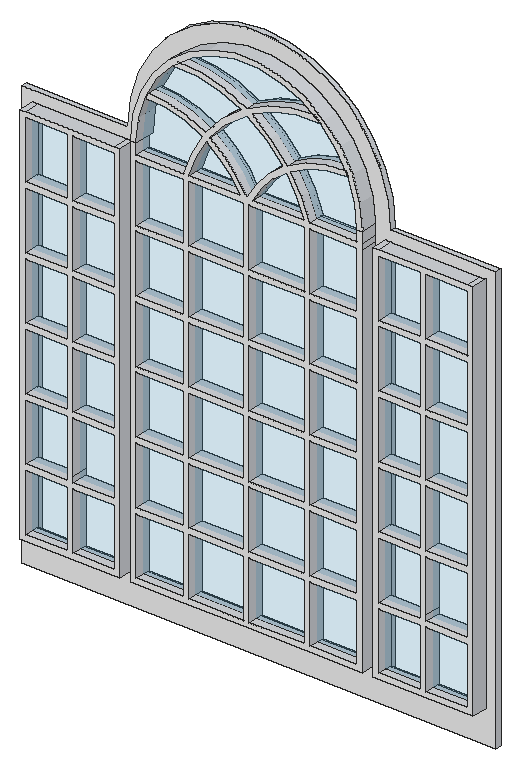
Revit family
Parameters (values of type "yachtclub4")
  Height = 4' - 10"
  Default Sill Height = 3' - 0"
  Trim Projection = 0' - 1"
  Trim Width = 0' - 3"
  Wall Closure = (empty or 0)
  Width = 7' - 0"
  Assembly Code = ""
Reference planes (in)
  plane 1: y = 0
  plane 2 "Center (Left/Right)": x = -11.13337
  plane 3 "Left": x = -53.13337
  plane 4 "Right": x = 30.86663
  plane 5 "Bottom": z = 36
  plane 6 "Top": z = 94
  plane 7 "Exterior": y = 3
  plane 8 "Interior": y = -3
Forms (in)
  Extrusion 1, solid
    sketch origin (90, 3, 0) x (-1, 0, 0) y (0, 0, 1)
      loop
        line (59.13337, 94) -> (59.13337, 21.99859) -> (76.13337, 21.99859) -> (76.13337, 94) -> (59.13337, 94)
      loop
        line (143.13337, 94) -> (126.13337, 94) -> (126.13337, 21.99859) -> (143.13337, 21.99859) -> (143.13337, 94)
      loop
        line (56.13337, 97) -> (56.13337, 15.90914) -> (146.13337, 15.90914) -> (146.13337, 97) -> (126.13337, 97)
        arc (126.13337, 97) -> (101.13337, 122) -> (76.13337, 97) r 25
        line (76.13337, 97) -> (56.13337, 97)
      loop
        arc (123.13337, 97) -> (101.13337, 119) -> (79.13337, 97) r 22
        line (79.13337, 97) -> (79.13337, 94) -> (79.13337, 21.99859) -> (123.13337, 21.99859) -> (123.13337, 94) -> (123.13337, 97)
    from 0 to 1
  Extrusion 2, solid
    sketch origin (0, 3, 0) x (1, 0, 0) y (0, 0, 1)
      loop
        arc (10.86663, 97) -> (-11.13337, 119) -> (-33.13337, 97) r 22
        line (-33.13337, 97) -> (-32.13337, 97)
        arc (-32.13337, 97) -> (-11.13337, 118) -> (9.86663, 97) r 21
        line (9.86663, 97) -> (10.86663, 97)
    from -1 to 3
  Extrusion 3, solid
    sketch origin (0, 3, 0) x (1, 0, 0) y (0, 0, 1)
      loop
        line (-0.13337, 94) -> (-10.63337, 94) -> (-10.63337, 83) -> (-0.13337, 83) -> (-0.13337, 94)
      loop
        line (0.86663, 94) -> (0.86663, 83) -> (9.86663, 83) -> (9.86663, 94) -> (0.86663, 94)
      loop
        line (-11.63337, 94) -> (-22.13337, 94) -> (-22.13337, 83) -> (-11.63337, 83) -> (-11.63337, 94)
      loop
        line (-33.13337, 94) -> (-33.13337, 58) -> (-33.13337, 21.99859) -> (-23.13337, 21.99859) -> (-11.63337, 21.99859) -> (-0.13337, 21.99859) -> (10.86663, 21.99859) -> (10.86663, 94) -> (10.86663, 95) -> (10.86663, 97) -> (9.86663, 97) -> (9.86663, 94.98949) -> (0.86763, 94.98949)
        arc (0.86763, 94.98949) -> (-0.63093, 98.89327) -> (-2.73625, 102.50613) r 25.98482
        arc (-2.73625, 102.50613) -> (2.50889, 104.6923) -> (8.15679, 105.31844) r 20.0416
        line (8.15679, 105.31844) -> (7.68754, 106.30849)
        arc (7.68754, 106.30849) -> (1.97813, 105.56778) -> (-3.31667, 103.30701) r 21.03725
        arc (-3.31667, 103.30701) -> (-6.45109, 106.77053) -> (-10.15494, 109.61695) r 25.98681
        arc (-10.15494, 109.61695) -> (-3.84705, 112.01668) -> (2.87296, 112.64091) r 24.98948
        line (2.87296, 112.64091) -> (1.85108, 113.6688)
        arc (1.85108, 113.6688) -> (-4.86785, 112.7977) -> (-11.13337, 110.21969) r 25.99082
        arc (-11.13337, 110.21969) -> (-17.39888, 112.7977) -> (-24.11781, 113.6688) r 25.99082
        line (-24.11781, 113.6688) -> (-25.14062, 112.64589)
        arc (-25.14062, 112.64589) -> (-18.4237, 112.02223) -> (-12.11829, 109.62477) r 24.99082
        arc (-12.11829, 109.62477) -> (-15.8236, 106.77648) -> (-18.95891, 103.31066) r 25.99071
        arc (-18.95891, 103.31066) -> (-24.25074, 105.56964) -> (-29.95671, 106.31019) r 21.0348
        line (-29.95671, 106.31019) -> (-30.41815, 105.32405)
        arc (-30.41815, 105.32405) -> (-24.77434, 104.70087) -> (-19.5316, 102.52034) r 20.04843
        arc (-19.5316, 102.52034) -> (-21.6334, 98.90726) -> (-23.12886, 95.004) r 25.99183
        line (-23.12886, 95.004) -> (-32.13337, 95.004) -> (-32.13337, 97) -> (-33.13337, 97) -> (-33.13337, 95) -> (-33.13337, 94)
      loop
        line (-22.09883, 94.99999) -> (-12.26884, 94.99999)
        arc (-12.26884, 94.99999) -> (-15.0665, 98.86798) -> (-18.6998, 101.96433) r 20.03477
        arc (-18.6998, 101.96433) -> (-20.67091, 98.61471) -> (-22.09883, 94.99999) r 24.99074
      loop
        line (-23.13337, 94) -> (-32.13337, 94) -> (-32.13337, 83) -> (-23.13337, 83) -> (-23.13337, 94)
      loop
        line (-10.00784, 95.00894) -> (-0.17787, 95.00894)
        arc (-0.17787, 95.00894) -> (-1.60305, 98.62679) -> (-3.57214, 101.97978) r 24.99272
        arc (-3.57214, 101.97978) -> (-7.20839, 98.88065) -> (-10.00784, 95.00894) r 20.04284
      loop
        line (9.86663, 34.00431) -> (0.86663, 34.00431) -> (0.86663, 23) -> (9.86663, 23) -> (9.86663, 34.00431)
      loop
        line (9.86663, 82) -> (0.86663, 82) -> (0.86663, 71.00431) -> (9.86663, 71.00431) -> (9.86663, 82)
      loop
        line (9.86663, 70.00431) -> (0.86663, 70.00431) -> (0.86663, 59.00431) -> (9.86663, 59.00431) -> (9.86663, 70.00431)
      loop
        line (9.86663, 47.00431) -> (9.86663, 58.00431) -> (0.86663, 58.00431) -> (0.86663, 47.00431) -> (9.86663, 47.00431)
      loop
        line (9.86663, 46.00431) -> (0.86663, 46.00431) -> (0.86663, 35.00431) -> (9.86663, 35.00431) -> (9.86663, 46.00431)
      loop
        line (-0.13337, 82) -> (-10.63337, 82) -> (-10.63337, 71.00431) -> (-0.13337, 71.00431) -> (-0.13337, 82)
      loop
        line (-32.13337, 82) -> (-32.13337, 71.00431) -> (-23.13337, 71.00431) -> (-23.13337, 82) -> (-32.13337, 82)
      loop
        line (-11.63337, 82) -> (-22.13337, 82) -> (-22.13337, 71.00431) -> (-11.63337, 71.00431) -> (-11.63337, 82)
      loop
        line (-23.13337, 70.00431) -> (-32.13337, 70.00431) -> (-32.13337, 59.00431) -> (-23.13337, 59.00431) -> (-23.13337, 70.00431)
      loop
        line (-23.13337, 58.00431) -> (-32.13337, 58.00431) -> (-32.13337, 47.00431) -> (-23.13337, 47.00431) -> (-23.13337, 58.00431)
      loop
        line (-23.13337, 46.00431) -> (-32.13337, 46.00431) -> (-32.13337, 35.00431) -> (-23.13337, 35.00431) -> (-23.13337, 46.00431)
      loop
        line (-11.63337, 70.00431) -> (-22.13337, 70.00431) -> (-22.13337, 59.00431) -> (-11.63337, 59.00431) -> (-11.63337, 70.00431)
      loop
        line (-11.63337, 58.00431) -> (-22.13337, 58.00431) -> (-22.13337, 47.00431) -> (-11.63337, 47.00431) -> (-11.63337, 58.00431)
      loop
        line (-11.63337, 46.00431) -> (-22.13337, 46.00431) -> (-22.13337, 35.00431) -> (-11.63337, 35.00431) -> (-11.63337, 46.00431)
      loop
        line (-0.13337, 70.00431) -> (-10.63337, 70.00431) -> (-10.63337, 59.00431) -> (-0.13337, 59.00431) -> (-0.13337, 70.00431)
      loop
        line (-0.13337, 58.00431) -> (-10.63337, 58.00431) -> (-10.63337, 47.00431) -> (-0.13337, 47.00431) -> (-0.13337, 58.00431)
      loop
        line (-0.13337, 46.00431) -> (-10.63337, 46.00431) -> (-10.63337, 35.00431) -> (-0.13337, 35.00431) -> (-0.13337, 46.00431)
      loop
        arc (-11.13828, 94.99577) -> (-8.1384, 99.32542) -> (-4.15698, 102.7741) r 21.03649
        arc (-4.15698, 102.7741) -> (-7.34731, 106.24608) -> (-11.13303, 109.05698) r 24.98996
        arc (-11.13303, 109.05698) -> (-14.92223, 106.24347) -> (-18.1149, 102.76773) r 24.99066
        arc (-18.1149, 102.76773) -> (-14.13648, 99.3217) -> (-11.13828, 94.99577) r 21.03124
      loop
        line (-23.13337, 34.00431) -> (-32.08624, 34.00431) -> (-32.13337, 34.00431) -> (-32.13337, 23) -> (-23.13337, 23) -> (-23.13337, 34.00431)
      loop
        line (-11.63337, 34.00431) -> (-22.13337, 34.00431) -> (-22.13337, 23) -> (-11.63337, 23) -> (-11.63337, 34.00431)
      loop
        line (-0.13337, 34.00431) -> (-10.63337, 34.00431) -> (-10.63337, 23) -> (-0.13337, 23) -> (-0.13337, 34.00431)
    from 0 to 3
  Extrusion 4, solid
    sketch origin (0, 3, 0) x (1, 0, 0) y (0, 0, 1)
      loop
        line (13.89788, 83) -> (21.89788, 83) -> (21.89788, 94) -> (13.89788, 94) -> (13.89788, 83)
      loop
        line (13.89788, 82) -> (13.89788, 71) -> (21.89788, 71) -> (21.89788, 82) -> (13.89788, 82)
      loop
        line (22.89788, 94) -> (22.89788, 83) -> (30.89788, 83) -> (30.89788, 94) -> (22.89788, 94)
      loop
        line (13.89788, 59) -> (21.89788, 59) -> (21.89788, 70) -> (13.89788, 70) -> (13.89788, 59)
      loop
        line (13.89788, 47) -> (21.89788, 47) -> (21.89788, 58) -> (13.89788, 58) -> (13.89788, 47)
      loop
        line (22.89788, 23) -> (30.89788, 23) -> (30.89788, 34) -> (22.89788, 34) -> (22.89788, 23)
      loop
        line (22.89788, 82) -> (22.89788, 71) -> (30.89788, 71) -> (30.89788, 82) -> (22.89788, 82)
      loop
        line (22.89788, 58) -> (22.89788, 47) -> (30.89788, 47) -> (30.89788, 58) -> (22.89788, 58)
      loop
        line (22.89788, 59) -> (30.89788, 59) -> (30.89788, 70) -> (22.89788, 70) -> (22.89788, 59)
      loop
        line (21.89788, 46) -> (13.89788, 46) -> (13.89788, 35) -> (21.89788, 35) -> (21.89788, 46)
      loop
        line (22.89788, 46) -> (22.89788, 36) -> (22.89788, 35) -> (30.89788, 35) -> (30.89788, 46) -> (22.89788, 46)
      loop
        line (13.89788, 34) -> (13.89788, 23) -> (21.89788, 23) -> (21.89788, 34) -> (13.89788, 34)
      loop
        line (12.89788, 22) -> (30.89788, 22) -> (31.89788, 22) -> (31.89788, 95) -> (30.89788, 95) -> (13.89788, 95) -> (12.89788, 95) -> (12.89788, 22)
    from 0 to 3
  Extrusion 5, solid
    sketch origin (-67, 3, 0) x (1, 0, 0) y (0, 0, 1)
      loop
        line (13.86663, 83) -> (21.86663, 83) -> (21.86663, 94) -> (13.86663, 94) -> (13.86663, 83)
      loop
        line (13.86663, 82) -> (13.86663, 71) -> (21.86663, 71) -> (21.86663, 82) -> (13.86663, 82)
      loop
        line (22.86663, 94) -> (22.86663, 83) -> (30.86663, 83) -> (30.86663, 94) -> (22.86663, 94)
      loop
        line (13.86663, 59) -> (21.86663, 59) -> (21.86663, 70) -> (13.86663, 70) -> (13.86663, 59)
      loop
        line (13.86663, 47) -> (21.86663, 47) -> (21.86663, 58) -> (13.86663, 58) -> (13.86663, 47)
      loop
        line (22.86663, 23) -> (30.86663, 23) -> (30.86663, 34) -> (22.86663, 34) -> (22.86663, 23)
      loop
        line (22.86663, 82) -> (22.86663, 71) -> (30.86663, 71) -> (30.86663, 82) -> (22.86663, 82)
      loop
        line (22.86663, 58) -> (22.86663, 47) -> (30.86663, 47) -> (30.86663, 58) -> (22.86663, 58)
      loop
        line (22.86663, 59) -> (30.86663, 59) -> (30.86663, 70) -> (22.86663, 70) -> (22.86663, 59)
      loop
        line (21.86663, 46) -> (13.86663, 46) -> (13.86663, 35) -> (21.86663, 35) -> (21.86663, 46)
      loop
        line (22.86663, 46) -> (22.86663, 36) -> (22.86663, 35) -> (30.86663, 35) -> (30.86663, 46) -> (22.86663, 46)
      loop
        line (13.86663, 34) -> (13.86663, 23) -> (21.86663, 23) -> (21.86663, 34) -> (13.86663, 34)
      loop
        line (12.86663, 22) -> (30.86663, 22) -> (31.86663, 22) -> (31.86663, 95) -> (30.86663, 95) -> (13.86663, 95) -> (12.86663, 95) -> (12.86663, 22)
    from 0 to 3
  Extrusion 6, solid
    sketch origin (90, 4, 0) x (-1, 0, 0) y (0, 0, 1)
      loop
        line (80.13337, 94) -> (80.13337, 23) -> (89.13337, 23) -> (89.13337, 94) -> (80.13337, 94)
      loop
        line (90.13337, 94) -> (90.13337, 23) -> (100.63337, 23) -> (100.63337, 94) -> (90.13337, 94)
      loop
        line (101.63337, 94) -> (101.63337, 23) -> (112.13337, 23) -> (112.13337, 94) -> (101.63337, 94)
      loop
        line (113.13337, 94) -> (113.13337, 23) -> (122.13337, 23) -> (122.13337, 94) -> (113.13337, 94)
      loop
        line (126.13337, 94) -> (126.13337, 23) -> (134.13337, 23) -> (134.13337, 94) -> (126.13337, 94)
      loop
        line (135.13337, 94) -> (135.13337, 23) -> (143.13337, 23) -> (143.13337, 94) -> (135.13337, 94)
      loop
        line (59.10212, 94) -> (59.10212, 23) -> (67.10212, 23) -> (67.10212, 94) -> (59.10212, 94)
      loop
        line (68.10212, 94) -> (68.10212, 23) -> (76.10212, 23) -> (76.10212, 94) -> (68.10212, 94)
    from -2.437 to -1.437
  Extrusion 7, solid
    sketch origin (0, 3, 0) x (-1, 0, 0) y (0, 0, 1)
      loop
        arc (-8.15679, 105.31844) -> (-9.6151, 100.25385) -> (-9.86663, 94.98949) r 22.70829
        line (-9.86663, 94.98949) -> (-0.86763, 94.98949)
        arc (-0.86763, 94.98949) -> (0.63093, 98.89327) -> (2.73625, 102.50613) r 25.98482
        arc (2.73625, 102.50613) -> (-2.50889, 104.6923) -> (-8.15679, 105.31844) r 20.0416
      loop
        line (0.17787, 95.00894) -> (10.00784, 95.00894)
        arc (10.00784, 95.00894) -> (7.20839, 98.88065) -> (3.57214, 101.97978) r 20.04284
        arc (3.57214, 101.97978) -> (1.60305, 98.62679) -> (0.17787, 95.00894) r 24.99272
      loop
        arc (-7.68754, 106.30849) -> (-1.97813, 105.56778) -> (3.31667, 103.30701) r 21.03725
        arc (3.31667, 103.30701) -> (6.45109, 106.77053) -> (10.15494, 109.61695) r 25.98681
        arc (10.15494, 109.61695) -> (3.84705, 112.01668) -> (-2.87296, 112.64091) r 24.98948
        arc (-2.87296, 112.64091) -> (-5.58587, 109.70707) -> (-7.68754, 106.30849) r 20.79462
      loop
        arc (11.13303, 109.05698) -> (7.34731, 106.24608) -> (4.15698, 102.7741) r 24.98996
        arc (4.15698, 102.7741) -> (8.1384, 99.32542) -> (11.13828, 94.99577) r 21.03649
        arc (11.13828, 94.99577) -> (14.13648, 99.3217) -> (18.1149, 102.76773) r 21.03124
        arc (18.1149, 102.76773) -> (14.92223, 106.24347) -> (11.13303, 109.05698) r 24.99066
      loop
        line (12.26884, 94.99999) -> (22.09883, 94.99999)
        arc (22.09883, 94.99999) -> (20.67091, 98.61471) -> (18.6998, 101.96433) r 24.99074
        arc (18.6998, 101.96433) -> (15.0665, 98.86798) -> (12.26884, 94.99999) r 20.03477
      loop
        line (23.12886, 95.004) -> (32.13337, 95.004)
        arc (32.13337, 95.004) -> (31.87817, 100.26415) -> (30.41815, 105.32405) r 22.70814
        arc (30.41815, 105.32405) -> (24.77434, 104.70087) -> (19.5316, 102.52034) r 20.04843
        arc (19.5316, 102.52034) -> (21.6334, 98.90726) -> (23.12886, 95.004) r 25.99183
      loop
        arc (12.11829, 109.62477) -> (15.8236, 106.77648) -> (18.95891, 103.31066) r 25.99071
        arc (18.95891, 103.31066) -> (24.25074, 105.56964) -> (29.95671, 106.31019) r 21.0348
        arc (29.95671, 106.31019) -> (27.8516, 109.70832) -> (25.14062, 112.64589) r 20.99594
        arc (25.14062, 112.64589) -> (18.4237, 112.02223) -> (12.11829, 109.62477) r 24.99082
      loop
        arc (-1.64032, 113.66832) -> (4.96964, 112.77044) -> (11.13337, 110.21969) r 25.99082
        arc (11.13337, 110.21969) -> (17.29709, 112.77044) -> (23.90706, 113.66832) r 25.99082
        arc (23.90706, 113.66832) -> (11.13337, 117.91533) -> (-1.64032, 113.66832) r 21.33315
    from -1.437 to -0.437
Lines and regions (in)
  Opening 1
    outline origin (-90, -3, 0) x (1, 0, 0) y (0, 0, 1)
      loop
        line (35.86663, 95) -> (35.86663, 21.99859) -> (120.86663, 21.99859) -> (120.86663, 95) -> (100.86663, 95) -> (100.86663, 97)
        arc (100.86663, 97) -> (78.86663, 119) -> (56.86663, 97) r 22
        line (56.86663, 97) -> (56.86663, 95) -> (35.86663, 95)
Text (in)
  text "EXTERIOR" at (-60.25314, 23.47596, 0), in view "Ref. Level"
  text "INTERIOR" at (-59.52703, -17.27685, 0), in view "Ref. Level"
  text "Exterior" at (0, 47.2975, 123.29936), in view "Left"
  text "Exterior" at (0, 19.21628, 132.11189), in view "Right"
Dimensions and locks (in)
  equal spacing: plane 3 "Left", plane 2 "Center (Left/Right)", plane 4 "Right"
  "Width": plane 3 "Left" to plane 4 "Right"
  "Height": plane 5 "Bottom" to plane 6 "Top"
  "Trim Width": plane 3 "Left" to Extrusion 1 sketch curve
  "Trim Width": plane 6 "Top" to Extrusion 1 sketch curve
  "Trim Width": Extrusion 1 sketch curve to plane 4 "Right"
  "Trim Projection": Extrusion 1 to Extrusion 1
  "Default Sill Height": level to plane 5 "Bottom"
  locked: plane 7 "Exterior" to host wall at 0
  locked: plane 8 "Interior" to host wall
  Extrusion 7 sketch curve to Extrusion 7 sketch curve = 0' - 0.00895"
  Extrusion 3 sketch curve to Extrusion 3 sketch curve = 0' - 1"
  aligned and locked: plane 4 "Right" to Opening 1 sketch curve
  aligned and locked: plane 6 "Top" to Extrusion 1 sketch curve
  aligned and locked: Extrusion 6 sketch curve to Extrusion 3
Automatic sketch dimensions
  Extrusion 2 sketch curve to Extrusion 2 sketch curve = 0' - 0"  (x2)
  Extrusion 2 sketch curve to plane 2 "Center (Left/Right)" = 0' - 0"
  Extrusion 2 sketch curve to plane 6 "Top" = 0' - 3"
  Extrusion 2 sketch curve to plane 2 "Center (Left/Right)" = 1' - 9"
  Extrusion 2 sketch curve to Extrusion 2 sketch curve = 0' - 1"
  Extrusion 7 sketch curve to Extrusion 3 = 0' - 0"  (x11)
  Extrusion 3 to Extrusion 7 sketch curve = 0' - 0.77369"
  Extrusion 7 sketch curve to Extrusion 3 = 0' - 0.45892"
  Extrusion 3 to Extrusion 7 sketch curve = 0' - 0.12137"
  Extrusion 3 to Extrusion 7 sketch curve = 0' - 0.00242"
  Extrusion 7 sketch curve to Extrusion 3 = 0' - 0.45478"
  Extrusion 7 sketch curve to Extrusion 3 = 0' - 0.41782"
  Extrusion 5 sketch curve to plane 3 "Left" = 0' - 0"  (x7)
  Extrusion 5 sketch curve to plane 6 "Top" = 0' - 0"  (x2)
  Extrusion 5 sketch curve to plane 5 "Bottom" = 0' - 0"
  plane 3 "Left" to Extrusion 5 sketch curve = 0' - 1"
  Extrusion 5 sketch curve to Extrusion 5 sketch curve = 0' - 8"  (x7)
  Extrusion 5 sketch curve to Extrusion 5 sketch curve = 0' - 0"  (x14)
  Extrusion 5 sketch curve to Extrusion 5 sketch curve = 0' - 1"  (x16)
  Extrusion 5 sketch curve to plane 6 "Top" = 0' - 1"
  plane 5 "Bottom" to Extrusion 5 sketch curve = 0' - 1"  (x2)
  Extrusion 5 sketch curve to Extrusion 5 sketch curve = 0' - 11"  (x4)
  Extrusion 5 sketch curve to plane 5 "Bottom" = 0' - 10"
  plane 6 "Top" to Extrusion 4 sketch curve = 0' - 0"  (x2)
  plane 5 "Bottom" to Extrusion 4 sketch curve = 0' - 0"
  plane 4 "Right" to Extrusion 4 sketch curve = 1' - 5 31/32"
  plane 4 "Right" to Extrusion 4 sketch curve = 1' - 4 31/32"
  Extrusion 4 sketch curve to Extrusion 4 sketch curve = 0' - 0"  (x18)
  Extrusion 4 sketch curve to Extrusion 4 sketch curve = 0' - 1"  (x19)
  plane 4 "Right" to Extrusion 4 sketch curve = 0' - 8 31/32"  (x2)
  Extrusion 4 sketch curve to plane 4 "Right" = 0' - 0 1/32"  (x5)
  plane 5 "Bottom" to Extrusion 4 sketch curve = 0' - 1"  (x2)
  Extrusion 4 sketch curve to Extrusion 4 sketch curve = 0' - 11"  (x4)
  Extrusion 4 sketch curve to plane 5 "Bottom" = 0' - 10"
  Extrusion 3 sketch curve to plane 6 "Top" = 0' - 0"  (x6)
  Extrusion 3 sketch curve to plane 2 "Center (Left/Right)" = 0' - 0"
  Extrusion 3 sketch curve to plane 2 "Center (Left/Right)" = 0' - 0.00491"
  Extrusion 3 sketch curve to plane 2 "Center (Left/Right)" = 0' - 0 1/2"  (x7)
  Extrusion 3 sketch curve to plane 2 "Center (Left/Right)" = 0' - 0.98492"
  Extrusion 3 sketch curve to Extrusion 3 sketch curve = 0' - 1.13056"
  Extrusion 3 sketch curve to plane 2 "Center (Left/Right)" = 0' - 6.98153"
  Extrusion 3 sketch curve to Extrusion 3 sketch curve = 0' - 0.58491"
  Extrusion 3 sketch curve to Extrusion 3 sketch curve = 0' - 0.84402"
  Extrusion 3 sketch curve to Extrusion 3 sketch curve = 0' - 0.57268"
  Extrusion 3 sketch curve to plane 6 "Top" = 0' - 1"
  Extrusion 3 sketch curve to Extrusion 3 sketch curve = 0' - 3.39903"
  Extrusion 3 sketch curve to Extrusion 3 sketch curve = 0' - 10 1/2"  (x6)
  Extrusion 3 sketch curve to Extrusion 3 sketch curve = 0' - 0"  (x27)
  Extrusion 3 sketch curve to Extrusion 3 sketch curve = 0' - 0.03454"
  Extrusion 3 sketch curve to Extrusion 3 sketch curve = 0' - 1.03003"
  Extrusion 3 sketch curve to Extrusion 3 sketch curve = 0' - 1"  (x29)
  Extrusion 3 sketch curve to Extrusion 3 sketch curve = 0' - 0.92848"
  Extrusion 3 sketch curve to Extrusion 3 sketch curve = 0' - 0.00938"
  Extrusion 3 sketch curve to Extrusion 3 sketch curve = 0' - 0.00023"
  Extrusion 3 sketch curve to Extrusion 3 sketch curve = 0' - 0.00006"  (x2)
  Extrusion 3 sketch curve to Extrusion 3 sketch curve = 0' - 0.00199"
  Extrusion 3 sketch curve to Extrusion 3 sketch curve = 0' - 0.00272"
  Extrusion 3 sketch curve to Extrusion 3 sketch curve = 0' - 5.1589"
  Extrusion 3 sketch curve to Extrusion 3 sketch curve = 0' - 1.02281"
  Extrusion 3 sketch curve to Extrusion 3 sketch curve = 0' - 5.70048"
  Extrusion 3 sketch curve to Extrusion 3 sketch curve = 0' - 0.01117"
  Extrusion 3 sketch curve to Extrusion 3 sketch curve = 0' - 0.00005"
  Extrusion 3 sketch curve to Extrusion 3 sketch curve = 0' - 0.00144"
  Extrusion 3 sketch curve to plane 6 "Top" = 1' - 0.31019"
  Extrusion 3 sketch curve to Extrusion 3 sketch curve = 0' - 4.81609"
  Extrusion 3 sketch curve to Extrusion 3 sketch curve = 0' - 0.46144"
  plane 5 "Bottom" to Extrusion 3 sketch curve = 0' - 1.99569"  (x3)
  Extrusion 3 sketch curve to Extrusion 3 sketch curve = 0' - 8.95287"
  Extrusion 3 sketch curve to Extrusion 3 sketch curve = 0' - 0.04713"
  Extrusion 3 sketch curve to Extrusion 3 sketch curve = 0' - 9"  (x5)
  plane 2 "Center (Left/Right)" to Extrusion 3 sketch curve = 0' - 0.00034"
  plane 2 "Center (Left/Right)" to Extrusion 3 sketch curve = 0' - 0 1/2"  (x6)
  plane 2 "Center (Left/Right)" to Extrusion 3 sketch curve = 0' - 0.97843"
  plane 2 "Center (Left/Right)" to Extrusion 3 sketch curve = 0' - 1.12553"
  plane 2 "Center (Left/Right)" to Extrusion 3 sketch curve = 0' - 6.97639"
  Extrusion 3 sketch curve to Extrusion 3 sketch curve = 0' - 0.58484"
  Extrusion 3 sketch curve to Extrusion 3 sketch curve = 0' - 0.84031"
  Extrusion 3 sketch curve to Extrusion 3 sketch curve = 0' - 0.83589"
  Extrusion 3 sketch curve to plane 6 "Top" = 0' - 1.00894"
  Extrusion 3 sketch curve to Extrusion 3 sketch curve = 0' - 3.39427"
  Extrusion 3 sketch curve to Extrusion 3 sketch curve = 0' - 0.0445"
  Extrusion 3 sketch curve to Extrusion 3 sketch curve = 0' - 0.001"
  Extrusion 3 sketch curve to Extrusion 3 sketch curve = 0' - 0.92107"
  Extrusion 3 sketch curve to Extrusion 3 sketch curve = 0' - 0.01544"
  Extrusion 3 sketch curve to Extrusion 3 sketch curve = 0' - 0.00069"
  Extrusion 3 sketch curve to Extrusion 3 sketch curve = 0' - 0.00095"
  Extrusion 3 sketch curve to Extrusion 3 sketch curve = 0' - 0.00013"
  Extrusion 3 sketch curve to Extrusion 3 sketch curve = 0' - 0.00679"
  Extrusion 3 sketch curve to Extrusion 3 sketch curve = 0' - 5.16774"
  Extrusion 3 sketch curve to Extrusion 3 sketch curve = 0' - 1.02188"
  Extrusion 3 sketch curve to Extrusion 3 sketch curve = 0' - 5.70229"
  Extrusion 3 sketch curve to Extrusion 3 sketch curve = 0' - 0.00312"
  Extrusion 3 sketch curve to Extrusion 3 sketch curve = 0' - 0.00092"
  Extrusion 3 sketch curve to Extrusion 3 sketch curve = 0' - 0.00082"
  Extrusion 3 sketch curve to plane 6 "Top" = 1' - 0.30849"
  Extrusion 3 sketch curve to Extrusion 3 sketch curve = 0' - 4.81458"
  Extrusion 3 sketch curve to plane 6 "Top" = 0' - 11.31844"
  Extrusion 3 sketch curve to Extrusion 3 sketch curve = 0' - 0.46925"
  Extrusion 3 sketch curve to Extrusion 3 sketch curve = 0' - 11.00431"  (x2)
  Extrusion 3 sketch curve to Extrusion 3 sketch curve = 0' - 1.00141"
  plane 5 "Bottom" to Extrusion 3 sketch curve = 0' - 0.99569"  (x3)
  Extrusion 3 sketch curve to plane 5 "Bottom" = 0' - 10.00431"  (x2)
  Extrusion 3 sketch curve to Extrusion 3 sketch curve = 0' - 10.99569"  (x3)
  Extrusion 3 sketch curve to Extrusion 3 sketch curve = 0' - 11"  (x5)
  Extrusion 3 sketch curve to Extrusion 3 sketch curve = 0' - 2.27196"
  Extrusion 3 sketch curve to Extrusion 3 sketch curve = 0' - 2.27275"
  Extrusion 3 sketch curve to Extrusion 3 sketch curve = 0' - 0.00215"
  Extrusion 3 sketch curve to Extrusion 3 sketch curve = 0' - 0.00335"
  Extrusion 3 sketch curve to Extrusion 3 sketch curve = 0' - 0.00003"  (x2)
  Extrusion 3 sketch curve to Extrusion 3 sketch curve = 0' - 0.01066"
  Extrusion 3 sketch curve to Extrusion 3 sketch curve = 0' - 0.00987"
  Extrusion 3 sketch curve to Extrusion 3 sketch curve = 0' - 0.00223"
  Extrusion 3 sketch curve to Extrusion 3 sketch curve = 0' - 0.02613"
  Extrusion 3 sketch curve to Extrusion 3 sketch curve = 0' - 0.01326"
  Extrusion 3 sketch curve to Extrusion 3 sketch curve = 0' - 0.02081"
  Extrusion 3 sketch curve to Extrusion 3 sketch curve = 0' - 0.0011"
  Extrusion 3 sketch curve to Extrusion 3 sketch curve = 0' - 0.00494"
  Extrusion 3 sketch curve to Extrusion 3 sketch curve = 0' - 0.00089"
  Extrusion 3 sketch curve to Extrusion 3 sketch curve = 0' - 0.00255"
  Extrusion 3 sketch curve to Extrusion 3 sketch curve = 0' - 0.00865"
  Extrusion 3 sketch curve to Extrusion 3 sketch curve = 0' - 0.004"
  Extrusion 3 sketch curve to Extrusion 3 sketch curve = 0' - 2"
  Extrusion 3 sketch curve to Extrusion 3 sketch curve = 0' - 1.996"
  Extrusion 3 sketch curve to Extrusion 3 sketch curve = 0' - 0.60274"
  Extrusion 7 sketch curve to Extrusion 7 sketch curve = 0' - 0.00327"
  Opening 1 sketch curve to plane 2 "Center (Left/Right)" = 0' - 0"
  Opening 1 sketch curve to plane 6 "Top" = 0' - 3"
  Opening 1 sketch curve to plane 3 "Left" = 1' - 8"
  plane 3 "Left" to Opening 1 sketch curve = 0' - 1"
  Opening 1 sketch curve to plane 6 "Top" = 0' - 1"  (x2)
  plane 5 "Bottom" to Opening 1 sketch curve = 1' - 2.00141"
  Extrusion 1 sketch curve to Extrusion 1 sketch curve = 0' - 0"  (x2)
  Extrusion 1 sketch curve to plane 4 "Right" = 0' - 0"
  Extrusion 1 sketch curve to plane 6 "Top" = 0' - 0"  (x3)
  Extrusion 1 sketch curve to plane 2 "Center (Left/Right)" = 0' - 0"
  Extrusion 1 sketch curve to plane 3 "Left" = 0' - 0"
  plane 4 "Right" to Extrusion 1 sketch curve = 1' - 5"  (x2)
  Extrusion 1 sketch curve to Extrusion 1 sketch curve = 0' - 3"  (x2)
  plane 5 "Bottom" to Extrusion 1 sketch curve = 1' - 2.00141"  (x3)
  level to Extrusion 1 sketch curve = 1' - 3.90914"
  Extrusion 6 sketch curve to Extrusion 1 = 0' - 0"  (x10)
  Extrusion 1 to Extrusion 6 sketch curve = 0' - 1"  (x2)
  Extrusion 6 sketch curve to Extrusion 6 sketch curve = 0' - 9"
  Extrusion 6 sketch curve to Extrusion 6 sketch curve = 0' - 1"  (x5)
  Extrusion 6 sketch curve to Extrusion 6 sketch curve = 0' - 10 1/2"  (x2)
  Extrusion 1 to Extrusion 6 sketch curve = 0' - 1.00141"  (x6)
  Extrusion 1 to Extrusion 6 sketch curve = 0' - 0 1/32"
  Extrusion 6 sketch curve to Extrusion 6 sketch curve = 0' - 8"
  Extrusion 6 sketch curve to Extrusion 1 = 0' - 0 1/32"
  Extrusion 1 to Extrusion 6 sketch curve = 0' - 8"
  Extrusion 6 sketch curve to Extrusion 6 sketch curve = 0' - 0"
  radius of Extrusion 7 sketch curve to Extrusion 3 = 0' - 0"  (x20)
